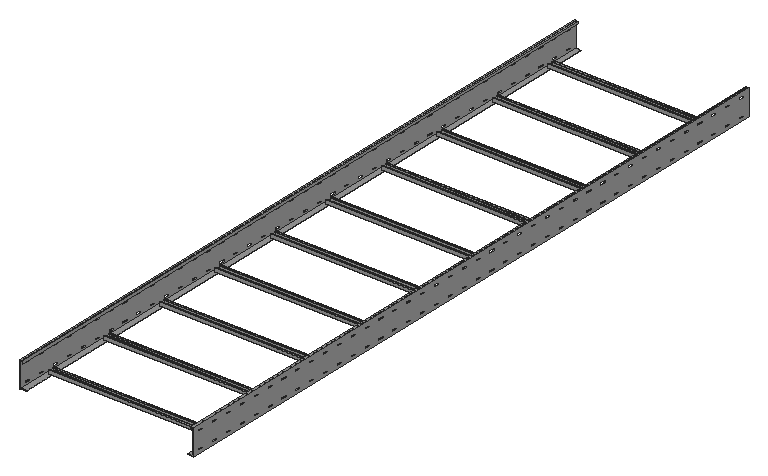
Revit family "Kabelleiter SLCS 1175 3 FTSO", category Generic Models, Revit 2017 (continued)
Dimensions and locks
  locked: Extrusion 8 sketch curve to Extrusion 8 sketch curve at 30
  locked: Extrusion 8 sketch curve to Extrusion 8 sketch curve at 2  (x5)
  locked: plane 48 to plane 49 at 15
  locked: Extrusion 9 sketch curve to Extrusion 9 sketch curve at 15  (x2)
  locked: Extrusion 9 sketch curve to Extrusion 9 sketch curve at 30
  locked: Extrusion 9 sketch curve to Extrusion 9 sketch curve at 2  (x5)
  locked: plane 53 to plane 54 at 15
  locked: Extrusion 10 sketch curve to Extrusion 10 sketch curve at 15  (x2)
  locked: Extrusion 10 sketch curve to Extrusion 10 sketch curve at 30
  locked: Extrusion 10 sketch curve to Extrusion 10 sketch curve at 2  (x5)
  locked: plane 58 to plane 59 at 15
  locked: Extrusion 11 sketch curve to Extrusion 11 sketch curve at 15  (x2)
  locked: Extrusion 11 sketch curve to Extrusion 11 sketch curve at 30
  locked: Extrusion 11 sketch curve to Extrusion 11 sketch curve at 2  (x5)
  locked: Extrusion 12 sketch curve to Extrusion 12 sketch curve at 28
  locked: Extrusion 12 sketch curve to plane 60 at 14
  locked: Extrusion 12 sketch curve to Extrusion 12 sketch curve at 9
  locked: plane 61 to Extrusion 12 sketch curve at 4.5
  locked: Extrusion 13 sketch curve to Extrusion 13 sketch curve at 28
  locked: Extrusion 13 sketch curve to plane 62 at 14
  locked: Extrusion 13 sketch curve to Extrusion 13 sketch curve at 9
  locked: plane 63 to Extrusion 13 sketch curve at 4.5
  locked: Extrusion 14 sketch curve to Extrusion 14 sketch curve at 28
  locked: Extrusion 14 sketch curve to plane 64 at 14
  locked: Extrusion 14 sketch curve to Extrusion 14 sketch curve at 9
  locked: plane 65 to Extrusion 14 sketch curve at 4.5
  locked: Extrusion 15 sketch curve to Extrusion 15 sketch curve at 28
  locked: Extrusion 15 sketch curve to plane 66 at 14
  locked: Extrusion 15 sketch curve to Extrusion 15 sketch curve at 9
  locked: plane 67 to Extrusion 15 sketch curve at 4.5
  locked: Extrusion 16 sketch curve to Extrusion 16 sketch curve at 28
  locked: Extrusion 16 sketch curve to plane 68 at 14
  locked: Extrusion 16 sketch curve to Extrusion 16 sketch curve at 9
  locked: plane 69 to Extrusion 16 sketch curve at 4.5
  locked: Extrusion 17 sketch curve to Extrusion 17 sketch curve at 28
  locked: Extrusion 17 sketch curve to plane 70 at 14
  locked: Extrusion 17 sketch curve to Extrusion 17 sketch curve at 9
  locked: plane 71 to Extrusion 17 sketch curve at 4.5
  locked: Extrusion 18 sketch curve to Extrusion 18 sketch curve at 28
  locked: Extrusion 18 sketch curve to plane 72 at 14
  locked: Extrusion 18 sketch curve to Extrusion 18 sketch curve at 9
  locked: plane 73 to Extrusion 18 sketch curve at 4.5
  locked: Extrusion 19 sketch curve to Extrusion 19 sketch curve at 28
  locked: Extrusion 19 sketch curve to plane 74 at 14
  locked: Extrusion 19 sketch curve to Extrusion 19 sketch curve at 9
  locked: plane 75 to Extrusion 19 sketch curve at 4.5
  locked: Extrusion 20 sketch curve to Extrusion 20 sketch curve at 28
  locked: Extrusion 20 sketch curve to plane 76 at 14
  locked: Extrusion 20 sketch curve to Extrusion 20 sketch curve at 9
  locked: plane 77 to Extrusion 20 sketch curve at 4.5
  locked: Extrusion 21 sketch curve to Extrusion 21 sketch curve at 28
  locked: Extrusion 21 sketch curve to plane 78 at 14
  locked: Extrusion 21 sketch curve to Extrusion 21 sketch curve at 9
  locked: plane 79 to Extrusion 21 sketch curve at 4.5
  locked: Extrusion 22 sketch curve to Extrusion 22 sketch curve at 28
  locked: Extrusion 22 sketch curve to plane 80 at 14
  locked: Extrusion 22 sketch curve to Extrusion 22 sketch curve at 9
  locked: plane 81 to Extrusion 22 sketch curve at 4.5
  locked: Extrusion 23 sketch curve to Extrusion 23 sketch curve at 28
  locked: Extrusion 23 sketch curve to plane 82 at 14
  locked: Extrusion 23 sketch curve to Extrusion 23 sketch curve at 9
  locked: plane 83 to Extrusion 23 sketch curve at 4.5
  locked: Extrusion 24 sketch curve to Extrusion 24 sketch curve at 28
  locked: Extrusion 24 sketch curve to plane 84 at 14
  locked: Extrusion 24 sketch curve to Extrusion 24 sketch curve at 9
  locked: plane 85 to Extrusion 24 sketch curve at 4.5
  locked: Extrusion 25 sketch curve to Extrusion 25 sketch curve at 28
  locked: Extrusion 25 sketch curve to plane 86 at 14
  locked: Extrusion 25 sketch curve to Extrusion 25 sketch curve at 9
  locked: plane 87 to Extrusion 25 sketch curve at 4.5
  locked: Extrusion 26 sketch curve to Extrusion 26 sketch curve at 28
  locked: Extrusion 26 sketch curve to plane 88 at 14
  locked: Extrusion 26 sketch curve to Extrusion 26 sketch curve at 9
  locked: plane 89 to Extrusion 26 sketch curve at 4.5
  locked: Extrusion 27 sketch curve to Extrusion 27 sketch curve at 28
  locked: Extrusion 27 sketch curve to plane 90 at 14
  locked: Extrusion 27 sketch curve to Extrusion 27 sketch curve at 9
  locked: plane 91 to Extrusion 27 sketch curve at 4.5
  locked: Extrusion 28 sketch curve to Extrusion 28 sketch curve at 28
  locked: Extrusion 28 sketch curve to plane 92 at 14
  locked: Extrusion 28 sketch curve to Extrusion 28 sketch curve at 9
  locked: plane 93 to Extrusion 28 sketch curve at 4.5
  locked: Extrusion 29 sketch curve to Extrusion 29 sketch curve at 28
  locked: Extrusion 29 sketch curve to plane 94 at 14
  locked: Extrusion 29 sketch curve to Extrusion 29 sketch curve at 9
  locked: plane 95 to Extrusion 29 sketch curve at 4.5
  locked: Extrusion 30 sketch curve to Extrusion 30 sketch curve at 28
  locked: Extrusion 30 sketch curve to plane 96 at 14
  locked: Extrusion 30 sketch curve to Extrusion 30 sketch curve at 9
  locked: plane 97 to Extrusion 30 sketch curve at 4.5
  locked: Extrusion 31 sketch curve to Extrusion 31 sketch curve at 28
  locked: Extrusion 31 sketch curve to plane 98 at 14
  locked: Extrusion 31 sketch curve to Extrusion 31 sketch curve at 9
  locked: plane 99 to Extrusion 31 sketch curve at 4.5
  locked: Extrusion 32 sketch curve to Extrusion 32 sketch curve at 28
  locked: Extrusion 32 sketch curve to plane 100 at 14
  locked: Extrusion 32 sketch curve to Extrusion 32 sketch curve at 9
  locked: plane 101 to Extrusion 32 sketch curve at 4.5
  locked: Extrusion 33 sketch curve to Extrusion 33 sketch curve at 28
  locked: Extrusion 33 sketch curve to plane 102 at 14
  locked: Extrusion 33 sketch curve to Extrusion 33 sketch curve at 9
  locked: plane 103 to Extrusion 33 sketch curve at 4.5
  locked: Extrusion 34 sketch curve to Extrusion 34 sketch curve at 28
  locked: Extrusion 34 sketch curve to plane 104 at 14
  locked: Extrusion 34 sketch curve to Extrusion 34 sketch curve at 9
  locked: plane 105 to Extrusion 34 sketch curve at 4.5
  locked: Extrusion 35 sketch curve to Extrusion 35 sketch curve at 28
  locked: Extrusion 35 sketch curve to plane 106 at 14
  locked: Extrusion 35 sketch curve to Extrusion 35 sketch curve at 9
  locked: plane 107 to Extrusion 35 sketch curve at 4.5
  locked: Extrusion 36 sketch curve to Extrusion 36 sketch curve at 28
  locked: Extrusion 36 sketch curve to plane 108 at 14
  locked: Extrusion 36 sketch curve to Extrusion 36 sketch curve at 9
  locked: plane 109 to Extrusion 36 sketch curve at 4.5
  locked: Extrusion 37 sketch curve to Extrusion 37 sketch curve at 28
  locked: Extrusion 37 sketch curve to plane 110 at 14
  locked: Extrusion 37 sketch curve to Extrusion 37 sketch curve at 9
  locked: plane 111 to Extrusion 37 sketch curve at 4.5
  locked: Extrusion 38 sketch curve to Extrusion 38 sketch curve at 28
  locked: Extrusion 38 sketch curve to plane 112 at 14
  locked: Extrusion 38 sketch curve to Extrusion 38 sketch curve at 9
  locked: plane 113 to Extrusion 38 sketch curve at 4.5
  locked: Extrusion 39 sketch curve to Extrusion 39 sketch curve at 28
  locked: Extrusion 39 sketch curve to plane 114 at 14
  locked: Extrusion 39 sketch curve to Extrusion 39 sketch curve at 9
  locked: plane 115 to Extrusion 39 sketch curve at 4.5
  locked: Extrusion 40 sketch curve to Extrusion 40 sketch curve at 28
  locked: Extrusion 40 sketch curve to plane 116 at 14
  locked: Extrusion 40 sketch curve to Extrusion 40 sketch curve at 9
  locked: plane 117 to Extrusion 40 sketch curve at 4.5
  locked: Extrusion 41 sketch curve to Extrusion 41 sketch curve at 28
  locked: Extrusion 41 sketch curve to plane 118 at 14
  locked: Extrusion 41 sketch curve to Extrusion 41 sketch curve at 9
  locked: plane 119 to Extrusion 41 sketch curve at 4.5
  locked: Extrusion 42 sketch curve to Extrusion 42 sketch curve at 28
  locked: Extrusion 42 sketch curve to plane 120 at 14
  locked: Extrusion 42 sketch curve to Extrusion 42 sketch curve at 9
  locked: plane 121 to Extrusion 42 sketch curve at 4.5
  locked: Extrusion 43 sketch curve to Extrusion 43 sketch curve at 28
  locked: Extrusion 43 sketch curve to plane 122 at 14
  locked: Extrusion 43 sketch curve to Extrusion 43 sketch curve at 9
  locked: plane 123 to Extrusion 43 sketch curve at 4.5
  locked: Extrusion 44 sketch curve to Extrusion 44 sketch curve at 28
  locked: Extrusion 44 sketch curve to plane 124 at 14
  locked: Extrusion 44 sketch curve to Extrusion 44 sketch curve at 9
  locked: plane 125 to Extrusion 44 sketch curve at 4.5
  locked: Extrusion 45 sketch curve to Extrusion 45 sketch curve at 28
  locked: Extrusion 45 sketch curve to plane 126 at 14
  locked: Extrusion 45 sketch curve to Extrusion 45 sketch curve at 9
  locked: plane 127 to Extrusion 45 sketch curve at 4.5
  locked: Extrusion 46 sketch curve to Extrusion 46 sketch curve at 28
  locked: Extrusion 46 sketch curve to plane 128 at 14
  locked: Extrusion 46 sketch curve to Extrusion 46 sketch curve at 9
  locked: plane 129 to Extrusion 46 sketch curve at 4.5
  locked: Extrusion 47 sketch curve to Extrusion 47 sketch curve at 28
  locked: Extrusion 47 sketch curve to plane 130 at 14
  locked: Extrusion 47 sketch curve to Extrusion 47 sketch curve at 9
  locked: plane 131 to Extrusion 47 sketch curve at 4.5
  locked: Extrusion 48 sketch curve to Extrusion 48 sketch curve at 28
  locked: Extrusion 48 sketch curve to plane 132 at 14
  locked: Extrusion 48 sketch curve to Extrusion 48 sketch curve at 9
  locked: plane 133 to Extrusion 48 sketch curve at 4.5
  locked: Extrusion 49 sketch curve to Extrusion 49 sketch curve at 28
  locked: Extrusion 49 sketch curve to plane 134 at 14
  locked: Extrusion 49 sketch curve to Extrusion 49 sketch curve at 9
  locked: plane 135 to Extrusion 49 sketch curve at 4.5
  locked: Extrusion 50 sketch curve to Extrusion 50 sketch curve at 28
  locked: Extrusion 50 sketch curve to plane 136 at 14
  locked: Extrusion 50 sketch curve to Extrusion 50 sketch curve at 9
  locked: plane 137 to Extrusion 50 sketch curve at 4.5
  locked: Extrusion 51 sketch curve to Extrusion 51 sketch curve at 28
  locked: Extrusion 51 sketch curve to plane 138 at 14
  locked: Extrusion 51 sketch curve to Extrusion 51 sketch curve at 9
  locked: plane 139 to Extrusion 51 sketch curve at 4.5
  locked: Extrusion 52 sketch curve to Extrusion 52 sketch curve at 28
  locked: Extrusion 52 sketch curve to plane 140 at 14
  locked: Extrusion 52 sketch curve to Extrusion 52 sketch curve at 9
  locked: plane 141 to Extrusion 52 sketch curve at 4.5
  group 40 to group 41 = 0 mm  (x2)
  group 40 to group 41 = 75 mm
  locked: Extrusion 53 sketch curve to Extrusion 53 sketch curve at 28
  locked: Extrusion 53 sketch curve to plane 142 at 14
  locked: Extrusion 53 sketch curve to Extrusion 53 sketch curve at 9
  locked: plane 143 to Extrusion 53 sketch curve at 4.5
  equal spacing: group 41, group 42, group 43, group 44, group 45, group 46, group 47, group 48, group 49, group 50, group 51, group 52, group 53, group 54, group 55, group 56, group 57, group 58, group 59, group 60, group 61, group 62, group 63, group 64, group 65, group 66, group 67, group 68, group 69, group 70, group 71, group 72, group 73, group 74, group 75, group 76, group 77, group 78, group 79, group 80  (x3)
  locked: Extrusion 54 sketch curve to Extrusion 54 sketch curve at 28
  locked: Extrusion 54 sketch curve to plane 144 at 14
  locked: Extrusion 54 sketch curve to Extrusion 54 sketch curve at 9
  locked: plane 145 to Extrusion 54 sketch curve at 4.5
  locked: Extrusion 55 sketch curve to Extrusion 55 sketch curve at 28
  locked: Extrusion 55 sketch curve to plane 146 at 14
  locked: Extrusion 55 sketch curve to Extrusion 55 sketch curve at 9
  locked: plane 147 to Extrusion 55 sketch curve at 4.5
  locked: Extrusion 56 sketch curve to Extrusion 56 sketch curve at 28
  locked: Extrusion 56 sketch curve to plane 148 at 14
  locked: Extrusion 56 sketch curve to Extrusion 56 sketch curve at 9
  locked: plane 149 to Extrusion 56 sketch curve at 4.5
  locked: Extrusion 57 sketch curve to Extrusion 57 sketch curve at 28
  locked: Extrusion 57 sketch curve to plane 150 at 14
  locked: Extrusion 57 sketch curve to Extrusion 57 sketch curve at 9
  locked: plane 151 to Extrusion 57 sketch curve at 4.5
  locked: Extrusion 58 sketch curve to Extrusion 58 sketch curve at 28
  locked: Extrusion 58 sketch curve to plane 152 at 14
  locked: Extrusion 58 sketch curve to Extrusion 58 sketch curve at 9
  locked: plane 153 to Extrusion 58 sketch curve at 4.5
  locked: Extrusion 59 sketch curve to Extrusion 59 sketch curve at 28
  locked: Extrusion 59 sketch curve to plane 154 at 14
  locked: Extrusion 59 sketch curve to Extrusion 59 sketch curve at 9
  locked: plane 155 to Extrusion 59 sketch curve at 4.5
  locked: Extrusion 60 sketch curve to Extrusion 60 sketch curve at 28
  locked: Extrusion 60 sketch curve to plane 156 at 14
  locked: Extrusion 60 sketch curve to Extrusion 60 sketch curve at 9
  locked: plane 157 to Extrusion 60 sketch curve at 4.5
  locked: Extrusion 61 sketch curve to Extrusion 61 sketch curve at 28
  locked: Extrusion 61 sketch curve to plane 158 at 14
  locked: Extrusion 61 sketch curve to Extrusion 61 sketch curve at 9
  locked: plane 159 to Extrusion 61 sketch curve at 4.5
  locked: Extrusion 62 sketch curve to Extrusion 62 sketch curve at 28
  locked: Extrusion 62 sketch curve to plane 160 at 14
  locked: Extrusion 62 sketch curve to Extrusion 62 sketch curve at 9
  locked: plane 161 to Extrusion 62 sketch curve at 4.5
  locked: Extrusion 63 sketch curve to Extrusion 63 sketch curve at 28
  locked: Extrusion 63 sketch curve to plane 162 at 14
  locked: Extrusion 63 sketch curve to Extrusion 63 sketch curve at 9
  locked: plane 163 to Extrusion 63 sketch curve at 4.5
  locked: Extrusion 64 sketch curve to Extrusion 64 sketch curve at 28
  locked: Extrusion 64 sketch curve to plane 164 at 14
  locked: Extrusion 64 sketch curve to Extrusion 64 sketch curve at 9
  locked: plane 165 to Extrusion 64 sketch curve at 4.5
  locked: Extrusion 65 sketch curve to Extrusion 65 sketch curve at 28
  locked: Extrusion 65 sketch curve to plane 166 at 14
  locked: Extrusion 65 sketch curve to Extrusion 65 sketch curve at 9
  locked: plane 167 to Extrusion 65 sketch curve at 4.5
  locked: Extrusion 66 sketch curve to Extrusion 66 sketch curve at 28
  locked: Extrusion 66 sketch curve to plane 168 at 14
  locked: Extrusion 66 sketch curve to Extrusion 66 sketch curve at 9
  locked: plane 169 to Extrusion 66 sketch curve at 4.5
  locked: Extrusion 67 sketch curve to Extrusion 67 sketch curve at 28
  locked: Extrusion 67 sketch curve to plane 170 at 14
  locked: Extrusion 67 sketch curve to Extrusion 67 sketch curve at 9
  locked: plane 171 to Extrusion 67 sketch curve at 4.5
  locked: Extrusion 68 sketch curve to Extrusion 68 sketch curve at 28
  locked: Extrusion 68 sketch curve to plane 172 at 14
  locked: Extrusion 68 sketch curve to Extrusion 68 sketch curve at 9
  locked: plane 173 to Extrusion 68 sketch curve at 4.5
  locked: Extrusion 69 sketch curve to Extrusion 69 sketch curve at 28
  locked: Extrusion 69 sketch curve to plane 174 at 14
  locked: Extrusion 69 sketch curve to Extrusion 69 sketch curve at 9
  locked: plane 175 to Extrusion 69 sketch curve at 4.5
  locked: Extrusion 70 sketch curve to Extrusion 70 sketch curve at 28
  locked: Extrusion 70 sketch curve to plane 176 at 14
  locked: Extrusion 70 sketch curve to Extrusion 70 sketch curve at 9
  locked: plane 177 to Extrusion 70 sketch curve at 4.5
  locked: Extrusion 71 sketch curve to Extrusion 71 sketch curve at 28
  locked: Extrusion 71 sketch curve to plane 178 at 14
  locked: Extrusion 71 sketch curve to Extrusion 71 sketch curve at 9
  locked: plane 179 to Extrusion 71 sketch curve at 4.5
  locked: Extrusion 72 sketch curve to Extrusion 72 sketch curve at 28
  locked: Extrusion 72 sketch curve to plane 180 at 14
  locked: Extrusion 72 sketch curve to Extrusion 72 sketch curve at 9
  locked: plane 181 to Extrusion 72 sketch curve at 4.5
  locked: Extrusion 73 sketch curve to Extrusion 73 sketch curve at 28
  locked: Extrusion 73 sketch curve to plane 182 at 14
  locked: Extrusion 73 sketch curve to Extrusion 73 sketch curve at 9
  locked: plane 183 to Extrusion 73 sketch curve at 4.5
  locked: Extrusion 74 sketch curve to Extrusion 74 sketch curve at 28
  locked: Extrusion 74 sketch curve to plane 184 at 14
  locked: Extrusion 74 sketch curve to Extrusion 74 sketch curve at 9
  locked: plane 185 to Extrusion 74 sketch curve at 4.5
  locked: Extrusion 75 sketch curve to Extrusion 75 sketch curve at 28
  locked: Extrusion 75 sketch curve to plane 186 at 14
  locked: Extrusion 75 sketch curve to Extrusion 75 sketch curve at 9
  locked: plane 187 to Extrusion 75 sketch curve at 4.5
  locked: Extrusion 76 sketch curve to Extrusion 76 sketch curve at 28
  locked: Extrusion 76 sketch curve to plane 188 at 14
  locked: Extrusion 76 sketch curve to Extrusion 76 sketch curve at 9
  locked: plane 189 to Extrusion 76 sketch curve at 4.5
  locked: Extrusion 77 sketch curve to Extrusion 77 sketch curve at 28
  locked: Extrusion 77 sketch curve to plane 190 at 14
  locked: Extrusion 77 sketch curve to Extrusion 77 sketch curve at 9
  locked: plane 191 to Extrusion 77 sketch curve at 4.5
  locked: Extrusion 78 sketch curve to Extrusion 78 sketch curve at 28
  locked: Extrusion 78 sketch curve to plane 192 at 14
  locked: Extrusion 78 sketch curve to Extrusion 78 sketch curve at 9
  locked: plane 193 to Extrusion 78 sketch curve at 4.5
  locked: Extrusion 79 sketch curve to Extrusion 79 sketch curve at 28
  locked: Extrusion 79 sketch curve to plane 194 at 14
  locked: Extrusion 79 sketch curve to Extrusion 79 sketch curve at 9
  locked: plane 195 to Extrusion 79 sketch curve at 4.5
  locked: Extrusion 80 sketch curve to Extrusion 80 sketch curve at 28
  locked: Extrusion 80 sketch curve to plane 196 at 14
  locked: Extrusion 80 sketch curve to Extrusion 80 sketch curve at 9
  locked: plane 197 to Extrusion 80 sketch curve at 4.5
  locked: Extrusion 81 sketch curve to Extrusion 81 sketch curve at 28
  locked: Extrusion 81 sketch curve to plane 198 at 14
  locked: Extrusion 81 sketch curve to Extrusion 81 sketch curve at 9
  locked: plane 199 to Extrusion 81 sketch curve at 4.5
  locked: Extrusion 82 sketch curve to Extrusion 82 sketch curve at 28
  locked: Extrusion 82 sketch curve to plane 200 at 14
  locked: Extrusion 82 sketch curve to Extrusion 82 sketch curve at 9
  locked: plane 201 to Extrusion 82 sketch curve at 4.5
  locked: Extrusion 83 sketch curve to Extrusion 83 sketch curve at 28
  locked: Extrusion 83 sketch curve to plane 202 at 14
  locked: Extrusion 83 sketch curve to Extrusion 83 sketch curve at 9
  locked: plane 203 to Extrusion 83 sketch curve at 4.5
  locked: Extrusion 84 sketch curve to Extrusion 84 sketch curve at 28
  locked: Extrusion 84 sketch curve to plane 204 at 14
  locked: Extrusion 84 sketch curve to Extrusion 84 sketch curve at 9
  locked: plane 205 to Extrusion 84 sketch curve at 4.5
  locked: Extrusion 85 sketch curve to Extrusion 85 sketch curve at 28
  locked: Extrusion 85 sketch curve to plane 206 at 14
  locked: Extrusion 85 sketch curve to Extrusion 85 sketch curve at 9
  locked: plane 207 to Extrusion 85 sketch curve at 4.5
  locked: Extrusion 86 sketch curve to Extrusion 86 sketch curve at 28
  locked: Extrusion 86 sketch curve to plane 208 at 14
  locked: Extrusion 86 sketch curve to Extrusion 86 sketch curve at 9
  locked: plane 209 to Extrusion 86 sketch curve at 4.5
  locked: Extrusion 87 sketch curve to Extrusion 87 sketch curve at 28
  locked: Extrusion 87 sketch curve to plane 210 at 14
  locked: Extrusion 87 sketch curve to Extrusion 87 sketch curve at 9
  locked: plane 211 to Extrusion 87 sketch curve at 4.5
  locked: Extrusion 88 sketch curve to Extrusion 88 sketch curve at 28
  locked: Extrusion 88 sketch curve to plane 212 at 14
  locked: Extrusion 88 sketch curve to Extrusion 88 sketch curve at 9
  locked: plane 213 to Extrusion 88 sketch curve at 4.5
  locked: Extrusion 89 sketch curve to Extrusion 89 sketch curve at 28
  locked: Extrusion 89 sketch curve to plane 214 at 14
  locked: Extrusion 89 sketch curve to Extrusion 89 sketch curve at 9
  locked: plane 215 to Extrusion 89 sketch curve at 4.5
  locked: Extrusion 90 sketch curve to Extrusion 90 sketch curve at 28
  locked: Extrusion 90 sketch curve to plane 216 at 14
  locked: Extrusion 90 sketch curve to Extrusion 90 sketch curve at 9
  locked: plane 217 to Extrusion 90 sketch curve at 4.5
  locked: Extrusion 91 sketch curve to Extrusion 91 sketch curve at 28
  locked: Extrusion 91 sketch curve to plane 218 at 14
  locked: Extrusion 91 sketch curve to Extrusion 91 sketch curve at 9
  locked: plane 219 to Extrusion 91 sketch curve at 4.5
  locked: Extrusion 92 sketch curve to Extrusion 92 sketch curve at 28
  locked: plane 221 to Extrusion 92 sketch curve at 14
  locked: Extrusion 92 sketch curve to Extrusion 92 sketch curve at 9
  locked: plane 220 to Extrusion 92 sketch curve at 4.5
  locked: Extrusion 93 sketch curve to Extrusion 93 sketch curve at 28
  locked: plane 223 to Extrusion 93 sketch curve at 14
  locked: Extrusion 93 sketch curve to Extrusion 93 sketch curve at 9
  locked: plane 222 to Extrusion 93 sketch curve at 4.5
  locked: Extrusion 94 sketch curve to Extrusion 94 sketch curve at 28
  locked: plane 225 to Extrusion 94 sketch curve at 14
  locked: Extrusion 94 sketch curve to Extrusion 94 sketch curve at 9
  locked: plane 224 to Extrusion 94 sketch curve at 4.5
  equal spacing: group 82, group 83, group 84, group 85, group 86, group 87, group 88, group 89, group 90, group 91, group 92, group 93, group 94, group 95, group 96, group 97, group 98, group 99, group 100, group 101, group 102, group 103, group 104, group 105, group 106, group 107, group 108, group 109, group 110, group 111, group 112, group 113, group 114, group 115, group 116, group 117, group 118, group 119, group 120, group 121  (x3)
  locked: Extrusion 95 sketch curve to Extrusion 95 sketch curve at 28
  locked: plane 227 to Extrusion 95 sketch curve at 14
  locked: Extrusion 95 sketch curve to Extrusion 95 sketch curve at 9
  locked: plane 226 to Extrusion 95 sketch curve at 4.5
  locked: Extrusion 96 sketch curve to Extrusion 96 sketch curve at 28
  locked: plane 229 to Extrusion 96 sketch curve at 14
  locked: Extrusion 96 sketch curve to Extrusion 96 sketch curve at 9
  locked: plane 228 to Extrusion 96 sketch curve at 4.5
  locked: Extrusion 97 sketch curve to Extrusion 97 sketch curve at 28
  locked: plane 231 to Extrusion 97 sketch curve at 14
  locked: Extrusion 97 sketch curve to Extrusion 97 sketch curve at 9
  locked: plane 230 to Extrusion 97 sketch curve at 4.5
  locked: Extrusion 98 sketch curve to Extrusion 98 sketch curve at 28
  locked: plane 233 to Extrusion 98 sketch curve at 14
  locked: Extrusion 98 sketch curve to Extrusion 98 sketch curve at 9
  locked: plane 232 to Extrusion 98 sketch curve at 4.5
  locked: Extrusion 99 sketch curve to Extrusion 99 sketch curve at 28
  locked: plane 235 to Extrusion 99 sketch curve at 14
  locked: Extrusion 99 sketch curve to Extrusion 99 sketch curve at 9
  locked: plane 234 to Extrusion 99 sketch curve at 4.5
  locked: Extrusion 100 sketch curve to Extrusion 100 sketch curve at 28
  locked: plane 237 to Extrusion 100 sketch curve at 14
  locked: Extrusion 100 sketch curve to Extrusion 100 sketch curve at 9
  locked: plane 236 to Extrusion 100 sketch curve at 4.5
  locked: Extrusion 101 sketch curve to Extrusion 101 sketch curve at 28
  locked: plane 239 to Extrusion 101 sketch curve at 14
  locked: Extrusion 101 sketch curve to Extrusion 101 sketch curve at 9
  locked: plane 238 to Extrusion 101 sketch curve at 4.5
  locked: Extrusion 102 sketch curve to Extrusion 102 sketch curve at 28
  locked: plane 241 to Extrusion 102 sketch curve at 14
  locked: Extrusion 102 sketch curve to Extrusion 102 sketch curve at 9
  locked: plane 240 to Extrusion 102 sketch curve at 4.5
  locked: Extrusion 103 sketch curve to Extrusion 103 sketch curve at 28
  locked: plane 243 to Extrusion 103 sketch curve at 14
  locked: Extrusion 103 sketch curve to Extrusion 103 sketch curve at 9
  locked: plane 242 to Extrusion 103 sketch curve at 4.5
  locked: Extrusion 104 sketch curve to Extrusion 104 sketch curve at 28
  locked: plane 245 to Extrusion 104 sketch curve at 14
  locked: Extrusion 104 sketch curve to Extrusion 104 sketch curve at 9
  locked: plane 244 to Extrusion 104 sketch curve at 4.5
  locked: Extrusion 105 sketch curve to Extrusion 105 sketch curve at 28
  locked: plane 247 to Extrusion 105 sketch curve at 14
  locked: Extrusion 105 sketch curve to Extrusion 105 sketch curve at 9
  locked: plane 246 to Extrusion 105 sketch curve at 4.5
  locked: Extrusion 106 sketch curve to Extrusion 106 sketch curve at 28
  locked: plane 249 to Extrusion 106 sketch curve at 14
  locked: Extrusion 106 sketch curve to Extrusion 106 sketch curve at 9
  locked: plane 248 to Extrusion 106 sketch curve at 4.5
  locked: Extrusion 107 sketch curve to Extrusion 107 sketch curve at 28
  locked: plane 251 to Extrusion 107 sketch curve at 14
  locked: Extrusion 107 sketch curve to Extrusion 107 sketch curve at 9
  locked: plane 250 to Extrusion 107 sketch curve at 4.5
  locked: Extrusion 108 sketch curve to Extrusion 108 sketch curve at 28
  locked: plane 253 to Extrusion 108 sketch curve at 14
  locked: Extrusion 108 sketch curve to Extrusion 108 sketch curve at 9
  locked: plane 252 to Extrusion 108 sketch curve at 4.5
  locked: Extrusion 109 sketch curve to Extrusion 109 sketch curve at 28
  locked: plane 255 to Extrusion 109 sketch curve at 14
  locked: Extrusion 109 sketch curve to Extrusion 109 sketch curve at 9
  locked: plane 254 to Extrusion 109 sketch curve at 4.5
  locked: Extrusion 110 sketch curve to Extrusion 110 sketch curve at 28
  locked: plane 257 to Extrusion 110 sketch curve at 14
  locked: Extrusion 110 sketch curve to Extrusion 110 sketch curve at 9
  locked: plane 256 to Extrusion 110 sketch curve at 4.5
  locked: Extrusion 111 sketch curve to Extrusion 111 sketch curve at 28
  locked: plane 259 to Extrusion 111 sketch curve at 14
  locked: Extrusion 111 sketch curve to Extrusion 111 sketch curve at 9
  locked: plane 258 to Extrusion 111 sketch curve at 4.5
  locked: Extrusion 112 sketch curve to Extrusion 112 sketch curve at 28
  locked: plane 261 to Extrusion 112 sketch curve at 14
  locked: Extrusion 112 sketch curve to Extrusion 112 sketch curve at 9
  locked: plane 260 to Extrusion 112 sketch curve at 4.5
  locked: Extrusion 113 sketch curve to Extrusion 113 sketch curve at 28
  locked: plane 263 to Extrusion 113 sketch curve at 14
  locked: Extrusion 113 sketch curve to Extrusion 113 sketch curve at 9
  locked: plane 262 to Extrusion 113 sketch curve at 4.5
  locked: Extrusion 114 sketch curve to Extrusion 114 sketch curve at 28
  locked: plane 265 to Extrusion 114 sketch curve at 14
  locked: Extrusion 114 sketch curve to Extrusion 114 sketch curve at 9
  locked: plane 264 to Extrusion 114 sketch curve at 4.5
  locked: Extrusion 115 sketch curve to Extrusion 115 sketch curve at 28
  locked: plane 267 to Extrusion 115 sketch curve at 14
  locked: Extrusion 115 sketch curve to Extrusion 115 sketch curve at 9
  locked: plane 266 to Extrusion 115 sketch curve at 4.5
  locked: Extrusion 116 sketch curve to Extrusion 116 sketch curve at 28
  locked: plane 269 to Extrusion 116 sketch curve at 14
  locked: Extrusion 116 sketch curve to Extrusion 116 sketch curve at 9
  locked: plane 268 to Extrusion 116 sketch curve at 4.5
  locked: Extrusion 117 sketch curve to Extrusion 117 sketch curve at 28
  locked: plane 271 to Extrusion 117 sketch curve at 14
  locked: Extrusion 117 sketch curve to Extrusion 117 sketch curve at 9
  locked: plane 270 to Extrusion 117 sketch curve at 4.5
  locked: Extrusion 118 sketch curve to Extrusion 118 sketch curve at 28
  locked: plane 273 to Extrusion 118 sketch curve at 14
  locked: Extrusion 118 sketch curve to Extrusion 118 sketch curve at 9
  locked: plane 272 to Extrusion 118 sketch curve at 4.5
  locked: Extrusion 119 sketch curve to Extrusion 119 sketch curve at 28
  locked: plane 275 to Extrusion 119 sketch curve at 14
  locked: Extrusion 119 sketch curve to Extrusion 119 sketch curve at 9
  locked: plane 274 to Extrusion 119 sketch curve at 4.5
  locked: Extrusion 120 sketch curve to Extrusion 120 sketch curve at 28
  locked: plane 277 to Extrusion 120 sketch curve at 14
  locked: Extrusion 120 sketch curve to Extrusion 120 sketch curve at 9
  locked: plane 276 to Extrusion 120 sketch curve at 4.5
  locked: Extrusion 121 sketch curve to Extrusion 121 sketch curve at 28
  locked: plane 279 to Extrusion 121 sketch curve at 14
  locked: Extrusion 121 sketch curve to Extrusion 121 sketch curve at 9
  locked: plane 278 to Extrusion 121 sketch curve at 4.5
  locked: Extrusion 122 sketch curve to Extrusion 122 sketch curve at 28
  locked: plane 281 to Extrusion 122 sketch curve at 14
  locked: Extrusion 122 sketch curve to Extrusion 122 sketch curve at 9
  locked: plane 280 to Extrusion 122 sketch curve at 4.5
  locked: Extrusion 123 sketch curve to Extrusion 123 sketch curve at 28
  locked: plane 283 to Extrusion 123 sketch curve at 14
  locked: Extrusion 123 sketch curve to Extrusion 123 sketch curve at 9
  locked: plane 282 to Extrusion 123 sketch curve at 4.5
  locked: Extrusion 124 sketch curve to Extrusion 124 sketch curve at 28
  locked: plane 285 to Extrusion 124 sketch curve at 14
  locked: Extrusion 124 sketch curve to Extrusion 124 sketch curve at 9
  locked: plane 284 to Extrusion 124 sketch curve at 4.5
  locked: Extrusion 125 sketch curve to Extrusion 125 sketch curve at 28
  locked: plane 287 to Extrusion 125 sketch curve at 14
  locked: Extrusion 125 sketch curve to Extrusion 125 sketch curve at 9
  locked: plane 286 to Extrusion 125 sketch curve at 4.5
  locked: Extrusion 126 sketch curve to Extrusion 126 sketch curve at 28
  locked: plane 289 to Extrusion 126 sketch curve at 14
  locked: Extrusion 126 sketch curve to Extrusion 126 sketch curve at 9
  locked: plane 288 to Extrusion 126 sketch curve at 4.5
  locked: Extrusion 127 sketch curve to Extrusion 127 sketch curve at 28
  locked: plane 291 to Extrusion 127 sketch curve at 14
  locked: Extrusion 127 sketch curve to Extrusion 127 sketch curve at 9
  locked: plane 290 to Extrusion 127 sketch curve at 4.5
  locked: Extrusion 128 sketch curve to Extrusion 128 sketch curve at 28
  locked: plane 293 to Extrusion 128 sketch curve at 14
  locked: Extrusion 128 sketch curve to Extrusion 128 sketch curve at 9
  locked: plane 292 to Extrusion 128 sketch curve at 4.5
  locked: Extrusion 129 sketch curve to Extrusion 129 sketch curve at 28
  locked: plane 295 to Extrusion 129 sketch curve at 14
  locked: Extrusion 129 sketch curve to Extrusion 129 sketch curve at 9
  locked: plane 294 to Extrusion 129 sketch curve at 4.5
  locked: Extrusion 130 sketch curve to Extrusion 130 sketch curve at 28
  locked: plane 297 to Extrusion 130 sketch curve at 14
  locked: Extrusion 130 sketch curve to Extrusion 130 sketch curve at 9
  locked: plane 296 to Extrusion 130 sketch curve at 4.5
  locked: Extrusion 131 sketch curve to Extrusion 131 sketch curve at 28
  locked: plane 299 to Extrusion 131 sketch curve at 14
  locked: Extrusion 131 sketch curve to Extrusion 131 sketch curve at 9
  locked: plane 298 to Extrusion 131 sketch curve at 4.5
  locked: Extrusion 132 sketch curve to Extrusion 132 sketch curve at 28
  locked: plane 301 to Extrusion 132 sketch curve at 14
  locked: Extrusion 132 sketch curve to Extrusion 132 sketch curve at 9
  locked: plane 300 to Extrusion 132 sketch curve at 4.5
  locked: Extrusion 133 sketch curve to Extrusion 133 sketch curve at 28
  locked: plane 303 to Extrusion 133 sketch curve at 14
  locked: Extrusion 133 sketch curve to Extrusion 133 sketch curve at 9
  locked: plane 302 to Extrusion 133 sketch curve at 4.5
  equal spacing: group 81, group 122, group 123, group 124, group 125, group 126, group 127, group 128, group 129, group 130, group 131, group 132, group 133, group 134, group 135, group 136, group 137, group 138, group 139, group 140, group 141, group 142, group 143, group 144, group 145, group 146, group 147, group 148, group 149, group 150, group 151, group 152, group 153, group 154, group 155, group 156, group 157, group 158, group 159, group 160  (x3)
  locked: Extrusion 134 sketch curve to Extrusion 134 sketch curve at 28
  locked: plane 305 to Extrusion 134 sketch curve at 14
  locked: Extrusion 134 sketch curve to Extrusion 134 sketch curve at 9
  locked: plane 304 to Extrusion 134 sketch curve at 4.5
  locked: Extrusion 135 sketch curve to Extrusion 135 sketch curve at 28
  locked: plane 307 to Extrusion 135 sketch curve at 14
  locked: Extrusion 135 sketch curve to Extrusion 135 sketch curve at 9
  locked: plane 306 to Extrusion 135 sketch curve at 4.5
  locked: Extrusion 136 sketch curve to Extrusion 136 sketch curve at 28
  locked: plane 309 to Extrusion 136 sketch curve at 14
  locked: Extrusion 136 sketch curve to Extrusion 136 sketch curve at 9
  locked: plane 308 to Extrusion 136 sketch curve at 4.5
  locked: Extrusion 137 sketch curve to Extrusion 137 sketch curve at 28
  locked: plane 311 to Extrusion 137 sketch curve at 14
  locked: Extrusion 137 sketch curve to Extrusion 137 sketch curve at 9
  locked: plane 310 to Extrusion 137 sketch curve at 4.5
  locked: Extrusion 138 sketch curve to Extrusion 138 sketch curve at 28
  locked: plane 313 to Extrusion 138 sketch curve at 14
  locked: Extrusion 138 sketch curve to Extrusion 138 sketch curve at 9
  locked: plane 312 to Extrusion 138 sketch curve at 4.5
  locked: Extrusion 139 sketch curve to Extrusion 139 sketch curve at 28
  locked: plane 315 to Extrusion 139 sketch curve at 14
  locked: Extrusion 139 sketch curve to Extrusion 139 sketch curve at 9
  locked: plane 314 to Extrusion 139 sketch curve at 4.5
  locked: Extrusion 140 sketch curve to Extrusion 140 sketch curve at 28
  locked: plane 317 to Extrusion 140 sketch curve at 14
  locked: Extrusion 140 sketch curve to Extrusion 140 sketch curve at 9
  locked: plane 316 to Extrusion 140 sketch curve at 4.5
  locked: Extrusion 141 sketch curve to Extrusion 141 sketch curve at 28
  locked: plane 319 to Extrusion 141 sketch curve at 14
  locked: Extrusion 141 sketch curve to Extrusion 141 sketch curve at 9
  locked: plane 318 to Extrusion 141 sketch curve at 4.5
  locked: Extrusion 142 sketch curve to Extrusion 142 sketch curve at 28
  locked: plane 321 to Extrusion 142 sketch curve at 14
  locked: Extrusion 142 sketch curve to Extrusion 142 sketch curve at 9
  locked: plane 320 to Extrusion 142 sketch curve at 4.5
  locked: Extrusion 143 sketch curve to Extrusion 143 sketch curve at 28
  locked: plane 323 to Extrusion 143 sketch curve at 14
  locked: Extrusion 143 sketch curve to Extrusion 143 sketch curve at 9
  locked: plane 322 to Extrusion 143 sketch curve at 4.5
  locked: Extrusion 144 sketch curve to Extrusion 144 sketch curve at 28
  locked: plane 325 to Extrusion 144 sketch curve at 14
  locked: Extrusion 144 sketch curve to Extrusion 144 sketch curve at 9
  locked: plane 324 to Extrusion 144 sketch curve at 4.5
  locked: Extrusion 145 sketch curve to Extrusion 145 sketch curve at 28
  locked: plane 327 to Extrusion 145 sketch curve at 14
  locked: Extrusion 145 sketch curve to Extrusion 145 sketch curve at 9
  locked: plane 326 to Extrusion 145 sketch curve at 4.5
  locked: Extrusion 146 sketch curve to Extrusion 146 sketch curve at 28
  locked: plane 329 to Extrusion 146 sketch curve at 14
  locked: Extrusion 146 sketch curve to Extrusion 146 sketch curve at 9
  locked: plane 328 to Extrusion 146 sketch curve at 4.5
  locked: Extrusion 147 sketch curve to Extrusion 147 sketch curve at 28
  locked: plane 331 to Extrusion 147 sketch curve at 14
  locked: Extrusion 147 sketch curve to Extrusion 147 sketch curve at 9
  locked: plane 330 to Extrusion 147 sketch curve at 4.5
  locked: Extrusion 148 sketch curve to Extrusion 148 sketch curve at 28
  locked: plane 333 to Extrusion 148 sketch curve at 14
  locked: Extrusion 148 sketch curve to Extrusion 148 sketch curve at 9
  locked: plane 332 to Extrusion 148 sketch curve at 4.5
  locked: Extrusion 149 sketch curve to Extrusion 149 sketch curve at 28
  locked: plane 335 to Extrusion 149 sketch curve at 14
  locked: Extrusion 149 sketch curve to Extrusion 149 sketch curve at 9
  locked: plane 334 to Extrusion 149 sketch curve at 4.5
  locked: Extrusion 150 sketch curve to Extrusion 150 sketch curve at 28
  locked: plane 337 to Extrusion 150 sketch curve at 14
  locked: Extrusion 150 sketch curve to Extrusion 150 sketch curve at 9
  locked: plane 336 to Extrusion 150 sketch curve at 4.5
  locked: Extrusion 151 sketch curve to Extrusion 151 sketch curve at 28
  locked: plane 339 to Extrusion 151 sketch curve at 14
  locked: Extrusion 151 sketch curve to Extrusion 151 sketch curve at 9
  locked: plane 338 to Extrusion 151 sketch curve at 4.5
  locked: Extrusion 152 sketch curve to Extrusion 152 sketch curve at 28
  locked: plane 341 to Extrusion 152 sketch curve at 14
  locked: Extrusion 152 sketch curve to Extrusion 152 sketch curve at 9
  locked: plane 340 to Extrusion 152 sketch curve at 4.5
  locked: Extrusion 153 sketch curve to Extrusion 153 sketch curve at 28
  locked: plane 343 to Extrusion 153 sketch curve at 14
  locked: Extrusion 153 sketch curve to Extrusion 153 sketch curve at 9
  locked: plane 342 to Extrusion 153 sketch curve at 4.5
  locked: Extrusion 154 sketch curve to Extrusion 154 sketch curve at 28
  locked: plane 345 to Extrusion 154 sketch curve at 14
  locked: Extrusion 154 sketch curve to Extrusion 154 sketch curve at 9
  locked: plane 344 to Extrusion 154 sketch curve at 4.5
  locked: Extrusion 155 sketch curve to Extrusion 155 sketch curve at 28
  locked: plane 347 to Extrusion 155 sketch curve at 14
  locked: Extrusion 155 sketch curve to Extrusion 155 sketch curve at 9
  locked: plane 346 to Extrusion 155 sketch curve at 4.5
  locked: Extrusion 156 sketch curve to Extrusion 156 sketch curve at 28
  locked: plane 349 to Extrusion 156 sketch curve at 14
  locked: Extrusion 156 sketch curve to Extrusion 156 sketch curve at 9
  locked: plane 348 to Extrusion 156 sketch curve at 4.5
  locked: Extrusion 157 sketch curve to Extrusion 157 sketch curve at 28
  locked: plane 351 to Extrusion 157 sketch curve at 14
  locked: Extrusion 157 sketch curve to Extrusion 157 sketch curve at 9
  locked: plane 350 to Extrusion 157 sketch curve at 4.5
  locked: Extrusion 158 sketch curve to Extrusion 158 sketch curve at 28
  locked: plane 353 to Extrusion 158 sketch curve at 14
  locked: Extrusion 158 sketch curve to Extrusion 158 sketch curve at 9
  locked: plane 352 to Extrusion 158 sketch curve at 4.5
  locked: Extrusion 159 sketch curve to Extrusion 159 sketch curve at 28
  locked: plane 355 to Extrusion 159 sketch curve at 14
  locked: Extrusion 159 sketch curve to Extrusion 159 sketch curve at 9
  locked: plane 354 to Extrusion 159 sketch curve at 4.5
  locked: Extrusion 160 sketch curve to Extrusion 160 sketch curve at 28
  locked: plane 357 to Extrusion 160 sketch curve at 14
  locked: Extrusion 160 sketch curve to Extrusion 160 sketch curve at 9
  locked: plane 356 to Extrusion 160 sketch curve at 4.5
  locked: Extrusion 161 sketch curve to Extrusion 161 sketch curve at 28
  locked: plane 359 to Extrusion 161 sketch curve at 14
  locked: Extrusion 161 sketch curve to Extrusion 161 sketch curve at 9
  locked: plane 358 to Extrusion 161 sketch curve at 4.5
  locked: Extrusion 162 sketch curve to Extrusion 162 sketch curve at 28
  locked: plane 361 to Extrusion 162 sketch curve at 14
  locked: Extrusion 162 sketch curve to Extrusion 162 sketch curve at 9
  locked: plane 360 to Extrusion 162 sketch curve at 4.5
  locked: Extrusion 163 sketch curve to Extrusion 163 sketch curve at 28
  locked: plane 363 to Extrusion 163 sketch curve at 14
  locked: Extrusion 163 sketch curve to Extrusion 163 sketch curve at 9
  locked: plane 362 to Extrusion 163 sketch curve at 4.5
  locked: Extrusion 164 sketch curve to Extrusion 164 sketch curve at 28
  locked: plane 365 to Extrusion 164 sketch curve at 14
  locked: Extrusion 164 sketch curve to Extrusion 164 sketch curve at 9
  locked: plane 364 to Extrusion 164 sketch curve at 4.5
  locked: Extrusion 165 sketch curve to Extrusion 165 sketch curve at 28
  locked: plane 367 to Extrusion 165 sketch curve at 14
  locked: Extrusion 165 sketch curve to Extrusion 165 sketch curve at 9
  locked: plane 366 to Extrusion 165 sketch curve at 4.5
  locked: Extrusion 166 sketch curve to Extrusion 166 sketch curve at 28
  locked: plane 369 to Extrusion 166 sketch curve at 14
  locked: Extrusion 166 sketch curve to Extrusion 166 sketch curve at 9
  locked: plane 368 to Extrusion 166 sketch curve at 4.5
  locked: Extrusion 167 sketch curve to Extrusion 167 sketch curve at 28
  locked: plane 371 to Extrusion 167 sketch curve at 14
  locked: Extrusion 167 sketch curve to Extrusion 167 sketch curve at 9
  locked: plane 370 to Extrusion 167 sketch curve at 4.5
  locked: Extrusion 168 sketch curve to Extrusion 168 sketch curve at 28
  locked: plane 373 to Extrusion 168 sketch curve at 14
  locked: Extrusion 168 sketch curve to Extrusion 168 sketch curve at 9
  locked: plane 372 to Extrusion 168 sketch curve at 4.5
  locked: Extrusion 169 sketch curve to Extrusion 169 sketch curve at 28
  locked: plane 375 to Extrusion 169 sketch curve at 14
  locked: Extrusion 169 sketch curve to Extrusion 169 sketch curve at 9
  locked: plane 374 to Extrusion 169 sketch curve at 4.5
  locked: Extrusion 170 sketch curve to Extrusion 170 sketch curve at 28
  locked: plane 377 to Extrusion 170 sketch curve at 14
  locked: Extrusion 170 sketch curve to Extrusion 170 sketch curve at 9
  locked: plane 376 to Extrusion 170 sketch curve at 4.5
  locked: Extrusion 171 sketch curve to Extrusion 171 sketch curve at 28
  locked: plane 379 to Extrusion 171 sketch curve at 14
  locked: Extrusion 171 sketch curve to Extrusion 171 sketch curve at 9
  locked: plane 378 to Extrusion 171 sketch curve at 4.5
  aligned and locked: level to plane 2
  aligned and locked: plane 5 to Extrusion 1
  aligned and locked: Extrusion 1 to plane 3 "Center (Left/Right)"
  aligned and locked: plane 6 to Extrusion 1
  aligned and locked: Extrusion 2 to plane 12
  aligned and locked: plane 13 to Extrusion 2
  aligned and locked: Extrusion 2 to plane 13
  aligned and locked: plane 12 to Extrusion 2
  aligned and locked: Extrusion 2 to Extrusion 1
  aligned and locked: Extrusion 1 to Extrusion 1
  aligned and locked: Extrusion 1 to plane 14
  aligned and locked: Extrusion 2 to plane 14
  aligned and locked: Extrusion 1 to Extrusion 2
  aligned and locked: Extrusion 12 to plane 3 "Center (Left/Right)"
  aligned and locked: Extrusion 1 to Extrusion 12
  aligned and locked: Extrusion 1 to Extrusion 92  (x2)
Automatic sketch dimensions
  Extrusion 1 sketch curve to plane 3 "Center (Left/Right)" = 0 mm
  Extrusion 1 sketch curve to level = 0.014 mm  (x2)
  Extrusion 1 sketch curve to plane 5 = 0 mm
  plane 3 "Center (Left/Right)" to Extrusion 1 sketch curve = 10 mm
  Extrusion 1 sketch curve to Extrusion 1 sketch curve = 25 mm  (x2)
  Extrusion 1 sketch curve to plane 5 = 12.004 mm
  Extrusion 1 sketch curve to Extrusion 1 sketch curve = 98.952 mm
  Extrusion 1 sketch curve to Extrusion 1 sketch curve = 99 mm
  Extrusion 1 sketch curve to Extrusion 1 sketch curve = 7.039 mm
  Extrusion 1 sketch curve to Extrusion 1 sketch curve = 7 mm
  Extrusion 2 sketch curve to Extrusion 2 sketch curve = 4.488 mm
  Extrusion 2 sketch curve to Extrusion 2 sketch curve = 4.5 mm
  Extrusion 3 sketch curve to Extrusion 3 sketch curve = 4.488 mm
  Extrusion 3 sketch curve to Extrusion 3 sketch curve = 4.5 mm
  Extrusion 3 sketch curve to plane 16 = 0.089 mm
  Extrusion 3 sketch curve to plane 19 = 0.103 mm
  Extrusion 2 sketch curve to plane 8 = 0.089 mm
  Extrusion 2 sketch curve to plane 11 = 0.103 mm
  Extrusion 4 sketch curve to Extrusion 4 sketch curve = 4.488 mm
  Extrusion 4 sketch curve to Extrusion 4 sketch curve = 4.5 mm
  Extrusion 4 sketch curve to plane 21 = 0.089 mm
  Extrusion 4 sketch curve to plane 24 = 0.103 mm
  Extrusion 5 sketch curve to Extrusion 5 sketch curve = 4.488 mm
  Extrusion 5 sketch curve to Extrusion 5 sketch curve = 4.5 mm
  Extrusion 5 sketch curve to plane 26 = 0.089 mm
  Extrusion 5 sketch curve to plane 29 = 0.103 mm
  Extrusion 6 sketch curve to Extrusion 6 sketch curve = 4.488 mm
  Extrusion 6 sketch curve to Extrusion 6 sketch curve = 4.5 mm
  Extrusion 6 sketch curve to plane 31 = 0.089 mm
  Extrusion 6 sketch curve to plane 34 = 0.103 mm
  Extrusion 7 sketch curve to Extrusion 7 sketch curve = 4.488 mm
  Extrusion 7 sketch curve to Extrusion 7 sketch curve = 4.5 mm
  Extrusion 7 sketch curve to plane 36 = 0.089 mm
  Extrusion 7 sketch curve to plane 39 = 0.103 mm
  Extrusion 8 sketch curve to Extrusion 8 sketch curve = 4.488 mm
  Extrusion 8 sketch curve to Extrusion 8 sketch curve = 4.5 mm
  Extrusion 8 sketch curve to plane 41 = 0.089 mm
  Extrusion 8 sketch curve to plane 44 = 0.103 mm
  Extrusion 9 sketch curve to Extrusion 9 sketch curve = 4.488 mm
  Extrusion 9 sketch curve to Extrusion 9 sketch curve = 4.5 mm
  Extrusion 9 sketch curve to plane 46 = 0.089 mm
  Extrusion 9 sketch curve to plane 49 = 0.103 mm
  Extrusion 10 sketch curve to Extrusion 10 sketch curve = 4.488 mm
  Extrusion 10 sketch curve to Extrusion 10 sketch curve = 4.5 mm
  Extrusion 10 sketch curve to plane 51 = 0.089 mm
  Extrusion 10 sketch curve to plane 54 = 0.103 mm
  Extrusion 11 sketch curve to Extrusion 11 sketch curve = 4.488 mm
  Extrusion 11 sketch curve to Extrusion 11 sketch curve = 4.5 mm
  Extrusion 11 sketch curve to plane 56 = 0.089 mm
  Extrusion 11 sketch curve to plane 59 = 0.103 mm
